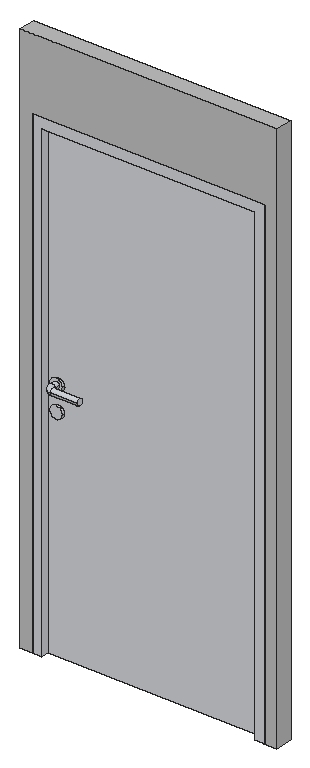
Revit family "BRU_Дверь_Однопольная_Стальная_Кв_Исправлено", category Двери, Revit 2021
Family settings
  Основа = Стена
  Номер OmniClass = 23.30.10.00
  Заголовок OmniClass = Doors
  Всегда вертикально = Да
  При загрузке вырезать с полостями = Нет
  Общий = Нет
  Точка принадлежности помещению = Нет
Parameters (values of type "ДСВ-О-Н 1050х2400(h) Л")
  Четверть сверху.Размер [instance] = 30 mm
  Четверть (есть/нет) [instance] = no
  Четверть сверху [instance] = if([Четверть (есть/нет)], Четверть сверху.Размер, 0 mm)  # 0 mm
  Четверть сбоку [instance] = if([Четверть (есть/нет)], Четверти сбоку.Размер, 0 mm)  # 0 mm
  Четверти сбоку.Размер [instance] = 30 mm
  Угол в плане 30 [instance] = yes
  Тип полотна двери = Полотно : Глухое
  Ручка двери = none
  Рама двери.Ширина справа = 80 mm
  Рама двери.Ширина слева = 80 mm
  Рама двери.Ширина внизу = 80 mm
  Рама двери.Ширина вверху = 80 mm
  Полотно двери. Высота [instance] = Rough Height - Коробка.Ширина  # 1945 mm
  Площадь [instance] = Width * Height  # 2.52 m²
  Откосы.Ширина [instance] = 530 mm
  Define Thermal Properties by = 1
  Fire Rating = ""
  О_Обозначение = ""
  О_Наименование = ""
  Монтажный зазор снизу.Толщина [instance] = 130 mm
  Монтажный зазор сверху.Толщина = 295 mm
  Коробка.Ширина = 30 mm
  Коробка.Толщина = 70 mm
  Правая = no
  Полотно.Толщина = 40 mm
  Полотно двери = none
  Остекление двери = none
  Наличник.Ширина [instance] = 60 mm
  Наличник.Толщина [instance] = 10 mm
  Наличник снаружи (есть/нет) [instance] = no
  Наличник внутри (есть/нет) [instance] = no
  Монтажный зазор сбоку.Толщина = 50 mm
  Type Comments = ""
  Глубина выреза проема наружу [instance] = 200 mm
  Глубина выреза проема внутрь [instance] = 200 mm
  Глубина вставки двери [instance] = 0 mm
  Левая = not(Правая)  # yes
  Защитное ограждение (есть/нет) = no
  Огибание наружных слоев [instance] = 0 mm
  Width = 1050 mm
  Rough Width [instance] = Width - Монтажный зазор сбоку.Толщина * 2  # 950 mm
  Rough Height [instance] = Height - Монтажный зазор сверху.Толщина - Монтажный зазор снизу.Толщина  # 1975 mm
  Группа модели = "Дверь глухая без порога"
  Manufacturer = ""
  Wall Closure = (empty or 0)
  Height = 2400 mm
  Description = ""
  Тип конструкций = "Дверь стальная"
  Аналитическая конструкция = "<Нет>"
  BRU_ДверьТип = "BRU_Дверь_Однопольная_Стальная_КвартирнаяВходная"
  ADSK_Этаж [instance] = ""
  ADSK_Толщина стены [instance] = 0 mm
  ADSK_Примечание [instance] = ""
  ADSK_Предел огнестойкости = "-"
  ADSK_Позиция [instance] = ""
  ADSK_Открывание = if(Правая, "Правая", "Левая")  # "Левая"
  ADSK_Обозначение = "ГОСТ 6629-88"  # constant formula
  ADSK_Наименование краткое = ""
  ADSK_Наименование = "ДСВ-О-Н 1050х2400(h)"
  ADSK_Масса_Текст = ""
  ADSK_Количество [instance] = 0
  ADSK_Код изделия = ""
  ADSK_Зона [instance] = ""
  ADSK_Завод-изготовитель = ""
  ADSK_Единица измерения = ""
  ADSK_Группирование [instance] = ""
  ADSK_URL страницы изделия = ""
  ADSK_URL документации изделия = ""
Types (2, lengths in mm): name | Правая | Монтажный зазор сбоку.Толщина | Левая | Rough Width | ADSK_Открывание
  ДСВ-О-Н 1050х2400(h) Л | no | 50 | yes | 950 | "Левая"
  ДСВ-О-Н 1050х2400(h) Пр | yes | 60 | no | 930 | "Правая"
Reference planes
  plane 1: y = 0
  plane 2 "По центру (Влево/Вправо)": x = 0
  plane 3 "Слева": x = -525
  plane 4 "Справа": x = 525
  plane 5: z = 2400
  plane 6 "Наружный": y = 300
  plane 7 "Внутренние": y = -300
  plane 8 "Вставка двери": y = 300
  plane 9 "Четверть слева": x = -525
  plane 10 "Четверть справа": x = 525
  plane 11 "Четверть сверху": z = 2400
  plane 12 "Полотно двери": y = 260
  plane 13 "Рама внутри": y = 230
  plane 14 "Монтажный зазор слева": x = -475
  plane 15 "Монтажный зазор справа": x = 475
  plane 16 "Монтажный зазор сверху": z = 2105
  plane 17 "Глубина огибания наружного слоя": y = 300
  plane 18: y = 310
  plane 19: x = 515
  plane 20: y = -310
  plane 21: x = -515
  plane 22: y = 500
  plane 23: y = -500
  plane 24 "2": z = 130
Forms (mm)
  Extrusion 1, void
    sketch origin (0, 0, 0) x (1, 0, 0) y (0, 1, 0)
      loop
        line (525, 300) -> (-525, 300) -> (-525, -500) -> (525, -500) -> (525, 300)
    from 0 to 2400
  Extrusion 2, void
    sketch origin (0, 0, 0) x (1, 0, 0) y (0, 1, 0)
      loop
        line (525, 500) -> (-525, 500) -> (-525, 300) -> (525, 300) -> (525, 500)
    from 0 to 2400
  Sweep 3, solid, material <- "Полотно двери", visible <- "Наличник снаружи (есть/нет)", detail levels fine
    path origin (0, 300, 0) x (1, 0, 0) y (0, 0, 1)
      loop
        line (-525, 130) -> (-525, 2400) -> (525, 2400) -> (525, 130)
    profile origin (-525, 300, 1265) x (-1, 0, 0) y (0, -1, 0)
      loop
        line (-10, 0) -> (-10, -5)
        arc (-10, -5) -> (-8.536, -8.536) -> (-5, -10) r 5
        line (-5, -10) -> (45, -10)
        arc (45, -10) -> (48.536, -8.536) -> (50, -5) r 5
        line (50, -5) -> (50, 0) -> (-10, 0)
  Sweep 4, solid, material <- "Полотно двери", visible <- "Наличник внутри (есть/нет)", detail levels fine
    path origin (0, -300, 0) x (1, 0, 0) y (0, 0, 1)
      loop
        line (-525, 130) -> (-525, 2400) -> (525, 2400) -> (525, 130)
    profile origin (-525, -300, 1265) x (-1, 0, 0) y (0, -1, 0)
      loop
        line (-50, 0) -> (10, 0) -> (10, 5)
        arc (10, 5) -> (8.536, 8.536) -> (5, 10) r 5
        line (5, 10) -> (-45, 10)
        arc (-45, 10) -> (-48.536, 8.536) -> (-50, 5) r 5
        line (-50, 5) -> (-50, 0)
  Sweep 5, solid, material <- "Полотно двери"
    path origin (0, 300, 0) x (-1, 0, 0) y (0, 0, 1)
      loop
        line (475, 130) -> (475, 2105) -> (-475, 2105) -> (-475, 130)
    profile origin (475, 300, 1117.5) x (0, 1, 0) y (-1, 0, 0)
      loop
        line (0, 0) -> (0, 30) -> (-40, 30) -> (-40, 40) -> (-70, 40) -> (-70, 0) -> (0, 0)
  Sweep 6, solid, material <- "Полотно двери", visible <- "Наличник снаружи (есть/нет)", detail levels fine
    path origin (0, 300, 0) x (-1, 0, 0) y (0, 0, 1)
      loop
        line (525, 130) -> (525, 2400) -> (-525, 2400) -> (-525, 130)
    profile origin (525, 300, 1265) x (0, 1, 0) y (-1, 0, 0)
      loop
        line (5, 0) -> (5, 10) -> (0, 10) -> (0, 0) -> (5, 0)
  Extrusion 7, solid, material <- "Полотно двери"
    sketch origin (-2514.822, 300, 1200) x (-1, 0, 0) y (0, 0, 1)
      loop
        line (-3039.822, 1200) -> (-3039.822, -1070) -> (-2988.822, -1070) -> (-2988.822, 904) -> (-2040.822, 904) -> (-2040.822, -1070) -> (-1989.822, -1070) -> (-1989.822, 1200) -> (-3039.822, 1200)
    from 0 to -70
Cuts and joins
  joined: Sweep 3, Sweep 6
Lines and regions (mm)
  Masking region 1, detail levels fine
    outline origin (0, 0, 0) x (0, 1, 0) y (0, 0, 1)
      loop
        line (230, 2065) -> (260, 2065) -> (260, 2075) -> (300, 2075) -> (300, 2105) -> (230, 2105) -> (230, 2065)
  Masking region 2, detail levels fine
    outline origin (0, 0, 0) x (0, 1, 0) y (0, 0, 1)
      loop
        line (300, 130) -> (300, 2075) -> (260, 2075) -> (260, 130) -> (300, 130)
  Masking region 3, detail levels fine
    outline origin (0, 0, 0) x (0, 1, 0) y (0, 0, 1)
      loop
        line (230, 2065) -> (230, 130) -> (260, 130) -> (260, 2065) -> (230, 2065)
  Masking region 4, detail levels coarse+medium
    outline origin (0, 0, 0) x (0, 1, 0) y (0, 0, 1)
      loop
        line (300, 130) -> (300, 2400) -> (230, 2400) -> (230, 130) -> (300, 130)
Text (mm)
  text "Наружный" at (-2295.016, 1099.543, 0), in view "Опорный уровень "
  text "Наружный" at (0, 1615.38, 3698.081), in view "Слева"
  text "Наружный" at (0, 1036.032, 3874.932), in view "Справа"
Dimensions and locks
  equal spacing: plane 14 "Монтажный зазор слева", plane 2 "По центру (Влево/Вправо)", plane 15 "Монтажный зазор справа"
  "Rough Width": plane 14 "Монтажный зазор слева" to plane 15 "Монтажный зазор справа"
  "Rough Height": plane 16 "Монтажный зазор сверху" to plane 24 "2"
  host wall to plane 5 = 2400 mm  (x2)
  locked: plane 6 "Наружный" to host wall
  locked: plane 7 "Внутренние" to host wall
  "Четверть сбоку": plane 3 "Слева" to plane 9 "Четверть слева"
  "Четверть сбоку": plane 10 "Четверть справа" to plane 4 "Справа"
  "Глубина вставки двери": plane 6 "Наружный" to plane 8 "Вставка двери"
  "Наличник.Ширина": Sweep 3 sketch curve to plane 21
  "Коробка.Толщина": plane 8 "Вставка двери" to plane 13 "Рама внутри"
  "Полотно.Толщина": plane 8 "Вставка двери" to plane 12 "Полотно двери"
  "Огибание наружных слоев": plane 6 "Наружный" to plane 17 "Глубина огибания наружного слоя"
  "Наличник.Ширина": Sweep 4 sketch curve to Sweep 4 sketch curve
  locked: Sweep 4 sketch curve to Sweep 4 sketch curve at 5  (x4)
  locked: Sweep 3 sketch curve to Sweep 3 sketch curve at 5
  "Коробка.Ширина": Sweep 5 sketch curve to profile plane
  locked: Sweep 5 sketch curve to Sweep 5 sketch curve at 10
  "Наличник.Толщина": plane 7 "Внутренние" to plane 20
  "Наличник.Толщина": plane 18 to plane 6 "Наружный"
  "Наличник.Толщина": plane 9 "Четверть слева" to plane 21
  "Наличник.Толщина": plane 19 to plane 10 "Четверть справа"
  locked: plane 18 to Sweep 3 sketch curve at 5  (x2)
  locked: Sweep 3 sketch curve to plane 21 at 5
  locked: plane 18 to Sweep 6 sketch curve at 5
  "Откосы.Ширина": plane 7 "Внутренние" to plane 13 "Рама внутри"
  equal spacing: plane 3 "Слева", plane 2 "По центру (Влево/Вправо)", plane 4 "Справа"
  "Width": plane 3 "Слева" to plane 4 "Справа"
  "Глубина выреза проема внутрь": plane 23 to plane 7 "Внутренние"
  "Глубина выреза проема наружу": plane 6 "Наружный" to plane 22
  locked: Extrusion 7 sketch curve to plane 15 "Монтажный зазор справа" at 1
  locked: Extrusion 7 sketch curve to plane 16 "Монтажный зазор сверху" at 1
  locked: plane 14 "Монтажный зазор слева" to Extrusion 7 sketch curve at 1
  "Монтажный зазор снизу.Толщина": level to plane 24 "2"
  "Монтажный зазор сверху.Толщина": plane 5 to plane 16 "Монтажный зазор сверху"
  "Четверть сверху": plane 5 to plane 11 "Четверть сверху"
  aligned and locked: plane 1 to host wall
  aligned and locked: plane 8 "Вставка двери" to Extrusion 1 sketch curve
  aligned and locked: plane 3 "Слева" to Extrusion 1 sketch curve
  aligned and locked: Extrusion 1 sketch curve to plane 4 "Справа"
  aligned and locked: Extrusion 1 to level
  aligned and locked: Extrusion 1 to plane 5
  aligned and locked: Extrusion 2 sketch curve to plane 8 "Вставка двери"
  aligned and locked: plane 10 "Четверть справа" to Extrusion 2 sketch curve
  aligned and locked: Extrusion 2 sketch curve to plane 9 "Четверть слева"
  aligned and locked: Extrusion 2 to level
  aligned and locked: plane 11 "Четверть сверху" to Extrusion 2
  aligned and locked: plane 9 "Четверть слева" to Sweep 3 sketch curve
  aligned and locked: plane 11 "Четверть сверху" to Sweep 3 sketch curve
  aligned and locked: plane 10 "Четверть справа" to Sweep 3 sketch curve
  aligned and locked: Sweep 4 sketch curve to plane 3 "Слева"
  aligned and locked: Sweep 4 sketch curve to plane 5
  aligned and locked: Sweep 4 sketch curve to plane 4 "Справа"
  aligned and locked: Sweep 4 sketch curve to plane 7 "Внутренние"
  aligned and locked: Sweep 5 sketch curve to plane 15 "Монтажный зазор справа"
  aligned and locked: Sweep 5 sketch curve to plane 16 "Монтажный зазор сверху"
  aligned and locked: Sweep 5 sketch curve to plane 14 "Монтажный зазор слева"
  aligned and locked: profile plane to Sweep 5 sketch curve
  aligned and locked: plane 13 "Рама внутри" to Sweep 5 sketch curve
  aligned and locked: plane 8 "Вставка двери" to Sweep 5 sketch curve
  aligned and locked: plane 12 "Полотно двери" to Sweep 5 sketch curve
  aligned and locked: plane 12 "Полотно двери" to nested 1
  aligned and locked: nested 1 to plane 8 "Вставка двери"
  aligned and locked: Sweep 5 to nested 1
  aligned and locked: nested 1 to Sweep 5  (x2)
  aligned and locked: plane 2 "По центру (Влево/Вправо)" to nested 2
  aligned and locked: nested 2 to plane 8 "Вставка двери"
  aligned and locked: plane 12 "Полотно двери" to nested 2
  aligned and locked: plane 13 "Рама внутри" to nested 2
  aligned and locked: plane 2 "По центру (Влево/Вправо)" to nested 3
  aligned and locked: plane 8 "Вставка двери" to nested 3
  aligned and locked: nested 3 to plane 12 "Полотно двери"
  aligned and locked: nested 3 to plane 13 "Рама внутри"
  aligned and locked: Sweep 4 sketch curve to plane 14 "Монтажный зазор слева"
  aligned and locked: profile plane to Sweep 3 sketch curve
  aligned and locked: Sweep 6 sketch curve to plane 11 "Четверть сверху"
  aligned and locked: plane 10 "Четверть справа" to Sweep 6 sketch curve  (x2)
  aligned and locked: plane 9 "Четверть слева" to Sweep 6 sketch curve
  aligned and locked: plane 8 "Вставка двери" to Sweep 6 sketch curve
  aligned and locked: plane 20 to Sweep 4 sketch curve
  aligned and locked: plane 18 to Sweep 3 sketch curve
  aligned and locked: Sweep 6 sketch curve to plane 19
  aligned and locked: Masking region 1 sketch curve to Sweep 5  (x2)
  aligned and locked: plane 12 "Полотно двери" to Masking region 1 sketch curve
  aligned and locked: plane 13 "Рама внутри" to Masking region 1 sketch curve
  aligned and locked: plane 8 "Вставка двери" to Masking region 1 sketch curve
  aligned and locked: plane 16 "Монтажный зазор сверху" to Masking region 1 sketch curve
  aligned and locked: plane 8 "Вставка двери" to Masking region 2 sketch curve
  aligned and locked: plane 12 "Полотно двери" to Masking region 2 sketch curve
  aligned and locked: Masking region 2 sketch curve to Sweep 5
  aligned and locked: Masking region 3 sketch curve to Sweep 5
  aligned and locked: plane 13 "Рама внутри" to Masking region 3 sketch curve
  aligned and locked: plane 12 "Полотно двери" to Masking region 3 sketch curve
  aligned and locked: plane 8 "Вставка двери" to Masking region 4 sketch curve
  aligned and locked: plane 13 "Рама внутри" to Masking region 4 sketch curve
  aligned and locked: plane 5 to Masking region 4 sketch curve
  aligned and locked: Extrusion 7 sketch curve to plane 4 "Справа"
  aligned and locked: Extrusion 7 sketch curve to plane 3 "Слева"
  aligned and locked: Extrusion 7 sketch curve to plane 5
  aligned and locked: Extrusion 7 to plane 13 "Рама внутри"
  aligned and locked: plane 8 "Вставка двери" to Extrusion 7
  aligned and locked: plane 22 to Extrusion 2 sketch curve
  aligned and locked: Extrusion 1 sketch curve to plane 23
  aligned and locked: plane 24 "2" to Sweep 5 sketch curve  (x2)
  aligned and locked: plane 24 "2" to Sweep 3 sketch curve  (x2)
  aligned and locked: plane 24 "2" to Sweep 6 sketch curve  (x2)
  aligned and locked: plane 24 "2" to Sweep 4 sketch curve  (x2)
  aligned and locked: Extrusion 7 sketch curve to plane 24 "2"
  aligned and locked: plane 24 "2" to Extrusion 7 sketch curve
  aligned and locked: Masking region 4 sketch curve to plane 24 "2"
  aligned and locked: Masking region 3 sketch curve to plane 24 "2"
  aligned and locked: Masking region 2 sketch curve to plane 24 "2"
Nested families
  nested 1: "Полотно" at (0, 300, 130), type <- "Тип полотна двери", Полотно двери.Высота <- "Полотно двери. Высота", type "Глухое"
    with Полотно двери.Ширина 890 mm, Полотно двери.Толщина 40 mm, Полотно двери.Высота 1945 mm, Правая no, Левая yes
  nested 2: "Обозначение на плане" at (0, 300, 0), Ширина двери <- "Rough Width", visible <- "Правая", Монтажный зазор <- "Монтажный зазор сбоку.Толщина", Ширина коробки <- "Коробка.Ширина", Толщина полотна двери <- "Полотно.Толщина", Толщина коробки <- "Коробка.Толщина", type "По-умолчанию"
    with Ширина полотна двери 790 mm, Ширина коробки 30 mm, Ширина двери 950 mm, Толщина полотна двери 40 mm, Толщина коробки 70 mm, Монтажный зазор 50 mm
  nested 3: "Обозначение на плане" at (0, 300, 0) x (-1, 0, 0) z (0, 0, 1), Ширина двери <- "Rough Width", visible <- "Левая", Монтажный зазор <- "Монтажный зазор сбоку.Толщина", Ширина коробки <- "Коробка.Ширина", Толщина полотна двери <- "Полотно.Толщина", Толщина коробки <- "Коробка.Толщина", type "По-умолчанию"
    with Ширина полотна двери 790 mm, Ширина коробки 30 mm, Ширина двери 950 mm, Толщина полотна двери 40 mm, Толщина коробки 70 mm, Монтажный зазор 50 mm
Definition of nested family "Полотно"
  Parameters (values of type "Глухое")
    Ручка.Отступ от края = 50 mm
    Ручка.Высота расположения = 1000 mm
    Ручка двери = none
    Рама справа.Ширина = 150 mm
    Рама слева.Ширина = 150 mm
    Рама внизу.Ширина = 600 mm
    Рама вверху.Ширина = 150 mm
    Правая = yes
    Полотно остекленное = no
    Полотно двери.Ширина [instance] = 1000 mm
    Полотно двери.Толщина [instance] = 40 mm
    Полотно двери.Высота [instance] = 2100 mm
    Полотно двери = none
    Полотно глухое = yes
    Остекление двери = none
    Левая = not(Правая)  # no
    Защитные ограждения = no
    Analytic Construction = "<Нет>"
  Types (2, lengths in mm): name | Рама справа.Ширина | Рама слева.Ширина | Рама внизу.Ширина | Рама вверху.Ширина | Полотно остекленное | Полотно глухое
    Глухое | 150 | 150 | 600 | 150 | no | yes
    Остекленное | 80 | 80 | 80 | 80 | yes | no
  Reference planes
    plane 1 "Center (Front/Back)": y = 0
    plane 2: z = 0
    plane 3 "Center (Left/Right)": x = 0
    plane 4: x = -500
    plane 5: x = 500
    plane 6 "Back": y = -40
    plane 7: z = 2100
    plane 8 "Высота расположения ручки": z = 1000
    plane 9 "Отступ ручки справа": x = 450
    plane 10 "Отступ ручки слева": x = -450
    plane 11 "Остекление снаружи": y = -8
    plane 12 "Остекление внутри": y = -32
    plane 13 "Ширина рамы справа": x = -350
    plane 14 "Ширина рамы слева": x = 350
    plane 15 "Ширина рамы внизу": z = 600
    plane 16 "Ширина рамы вверху": z = 1950
    plane 17: z = 950
    plane 18: z = 800
    plane 19: z = 650
    plane 20: z = 1050
  Forms (mm)
    Extrusion 1, solid, material <- "Полотно двери", visible <- "Полотно глухое"
      sketch origin (0, 0, 0) x (1, 0, 0) y (0, 0, 1)
        loop
          line (-500, 2100) -> (-500, 0) -> (500, 0) -> (500, 2100) -> (-500, 2100)
      from 0 to 40 <- "Полотно двери.Толщина"
    Extrusion 2, solid, material <- "Полотно двери", visible <- "Полотно остекленное"
      sketch origin (0, 0, 0) x (1, 0, 0) y (0, 0, 1)
        loop
          line (-500, 2100) -> (-500, 0) -> (500, 0) -> (500, 2100) -> (-500, 2100)
        loop
          line (-350, 600) -> (350, 600) -> (350, 1950) -> (-350, 1950) -> (-350, 600)
      from 0 to 40
    Extrusion 3, solid, material <- "Остекление двери", visible <- "Полотно остекленное"
      sketch origin (-646.608, -8, 1200) x (-1, 0, 0) y (0, 0, 1)
        loop
          line (-296.608, 750) -> (-996.608, 750) -> (-996.608, -600) -> (-296.608, -600) -> (-296.608, 750)
      from 0 to -24
    Sweep 4, solid, material <- "Ручка двери", visible <- "Защитные ограждения", detail levels medium+fine
      path origin (-858.179, -1524, 950) x (-1, 0, 0) y (0, -1, 0)
        loop
          arc (-478.179, -1469) -> (-482.572, -1458.393) -> (-493.179, -1454) r 15
          line (-493.179, -1454) -> (-1223.179, -1454)
          arc (-1223.179, -1454) -> (-1233.785, -1458.393) -> (-1238.179, -1469) r 15
          line (-1238.179, -1469) -> (-1238.179, -1539)
          arc (-1238.179, -1539) -> (-1233.785, -1549.607) -> (-1223.179, -1554) r 15
          line (-1223.179, -1554) -> (-493.179, -1554)
          arc (-493.179, -1554) -> (-482.572, -1549.607) -> (-478.179, -1539) r 15
          line (-478.179, -1539) -> (-478.179, -1469)
      profile origin (-380, -20, 950) x (-1, 0, 0) y (0, 0, 1)
        loop
          circle (0, 0) r 10
    Sweep 5, solid, material <- "Ручка двери", visible <- "Защитные ограждения", detail levels medium+fine
      path origin (-858.179, -1524, 800) x (-1, 0, 0) y (0, -1, 0)
        loop
          arc (-478.179, -1469) -> (-482.572, -1458.393) -> (-493.179, -1454) r 15
          line (-493.179, -1454) -> (-1223.179, -1454)
          arc (-1223.179, -1454) -> (-1233.785, -1458.393) -> (-1238.179, -1469) r 15
          line (-1238.179, -1469) -> (-1238.179, -1539)
          arc (-1238.179, -1539) -> (-1233.785, -1549.607) -> (-1223.179, -1554) r 15
          line (-1223.179, -1554) -> (-493.179, -1554)
          arc (-493.179, -1554) -> (-482.572, -1549.607) -> (-478.179, -1539) r 15
          line (-478.179, -1539) -> (-478.179, -1469)
      profile origin (-380, -20, 800) x (-1, 0, 0) y (0, 0, 1)
        loop
          circle (0, 0) r 10
    Sweep 6, solid, material <- "Ручка двери", visible <- "Защитные ограждения", detail levels medium+fine
      path origin (-858.179, -1524, 650) x (-1, 0, 0) y (0, -1, 0)
        loop
          arc (-478.179, -1469) -> (-482.572, -1458.393) -> (-493.179, -1454) r 15
          line (-493.179, -1454) -> (-1223.179, -1454)
          arc (-1223.179, -1454) -> (-1233.785, -1458.393) -> (-1238.179, -1469) r 15
          line (-1238.179, -1469) -> (-1238.179, -1539)
          arc (-1238.179, -1539) -> (-1233.785, -1549.607) -> (-1223.179, -1554) r 15
          line (-1223.179, -1554) -> (-493.179, -1554)
          arc (-493.179, -1554) -> (-482.572, -1549.607) -> (-478.179, -1539) r 15
          line (-478.179, -1539) -> (-478.179, -1469)
      profile origin (-380, -20, 650) x (-1, 0, 0) y (0, 0, 1)
        loop
          circle (0, 0) r 10
  Lines and regions (mm)
    symbolic lines, visible <- "Правая", detail levels medium
      curve 1: line (-500, 0, 0) -> (500, 0, 1050)
      curve 2: line (500, 0, 1050) -> (-500, 0, 2100)
    symbolic lines, visible <- "Левая", detail levels medium
      curve 3: line (500, 0, 0) -> (-500, 0, 1050)
      curve 4: line (-500, 0, 1050) -> (500, 0, 2100)
  Dimensions and locks
    "Полотно двери.Толщина": plane 1 "Center (Front/Back)" to plane 6 "Back"
    equal spacing: plane 4, plane 3 "Center (Left/Right)", plane 5
    "Полотно двери.Ширина": plane 4 to plane 5
    "Полотно двери.Высота": plane 7 to plane 2
    "Ручка.Высота расположения": plane 8 "Высота расположения ручки" to level
    "Ручка.Отступ от края": plane 5 to plane 9 "Отступ ручки справа"
    "Ручка.Отступ от края": plane 10 "Отступ ручки слева" to plane 4
    locked: plane 12 "Остекление внутри" to plane 6 "Back" at 8
    locked: plane 1 "Center (Front/Back)" to plane 11 "Остекление снаружи" at 8
    "Рама вверху.Ширина": plane 7 to plane 16 "Ширина рамы вверху"
    "Рама внизу.Ширина": plane 15 "Ширина рамы внизу" to plane 2
    "Рама справа.Ширина": plane 5 to plane 14 "Ширина рамы слева"
    "Рама слева.Ширина": plane 13 "Ширина рамы справа" to plane 4
    locked: plane 17 to plane 2 at 950
    plane 17 to plane 18 to plane 19 = 150 mm locked, 150 mm locked
    locked: plane 1 "Center (Front/Back)" to Sweep 4 sketch curve at 30
    locked: Sweep 4 sketch curve to profile plane at 0
    locked: profile plane to Sweep 4 sketch curve at 0
    locked: Sweep 4 sketch curve to plane 6 "Back" at 30
    locked: Sweep 5 sketch curve to profile plane at 0
    locked: profile plane to Sweep 5 sketch curve at 0
    locked: Sweep 5 sketch curve to plane 6 "Back" at 30
    locked: plane 1 "Center (Front/Back)" to Sweep 5 sketch curve at 30
    locked: Sweep 6 sketch curve to profile plane at 0
    locked: profile plane to Sweep 6 sketch curve at 0
    locked: Sweep 6 sketch curve to plane 6 "Back" at 30
    locked: plane 1 "Center (Front/Back)" to Sweep 6 sketch curve at 30
    equal spacing: plane 7, plane 20, plane 2
    locked: Sweep 4 sketch curve to plane 13 "Ширина рамы справа" at 30
    locked: plane 14 "Ширина рамы слева" to Sweep 4 sketch curve at 30
    locked: plane 14 "Ширина рамы слева" to Sweep 5 sketch curve at 30
    locked: Sweep 5 sketch curve to plane 13 "Ширина рамы справа" at 30
    locked: Sweep 6 sketch curve to plane 13 "Ширина рамы справа" at 30
    locked: plane 14 "Ширина рамы слева" to Sweep 6 sketch curve at 30
    locked: Sweep 4 sketch curve to Sweep 4 sketch curve at 15  (x8)
    locked: Sweep 5 sketch curve to Sweep 5 sketch curve at 15  (x8)
    locked: Sweep 6 sketch curve to Sweep 6 sketch curve at 15  (x8)
    aligned and locked: level to plane 2
    aligned and locked: Extrusion 1 sketch curve to plane 7
    aligned and locked: plane 4 to Extrusion 1 sketch curve
    aligned and locked: plane 2 to Extrusion 1 sketch curve
    aligned and locked: Extrusion 1 sketch curve to plane 5
    aligned and locked: Extrusion 1 to plane 1 "Center (Front/Back)"
    aligned and locked: Extrusion 1 to plane 6 "Back"
    aligned and locked: nested 1 to plane 10 "Отступ ручки слева"
    aligned and locked: plane 1 "Center (Front/Back)" to nested 1
    aligned and locked: plane 6 "Back" to nested 1
    aligned and locked: plane 8 "Высота расположения ручки" to nested 1
    aligned and locked: nested 2 to plane 1 "Center (Front/Back)"
    aligned and locked: nested 2 to plane 6 "Back"
    aligned and locked: nested 2 to plane 9 "Отступ ручки справа"
    aligned and locked: nested 2 to plane 8 "Высота расположения ручки"
    aligned and locked: Extrusion 2 sketch curve to plane 4
    aligned and locked: Extrusion 2 sketch curve to plane 5
    aligned and locked: Extrusion 2 sketch curve to plane 7
    aligned and locked: Extrusion 2 sketch curve to plane 2
    aligned and locked: Extrusion 2 sketch curve to plane 15 "Ширина рамы внизу"
    aligned and locked: Extrusion 2 sketch curve to plane 13 "Ширина рамы справа"
    aligned and locked: Extrusion 2 sketch curve to plane 14 "Ширина рамы слева"
    aligned and locked: Extrusion 2 sketch curve to plane 16 "Ширина рамы вверху"
    aligned and locked: Extrusion 2 to plane 1 "Center (Front/Back)"
    aligned and locked: Extrusion 2 to plane 6 "Back"
    aligned and locked: plane 13 "Ширина рамы справа" to Extrusion 3 sketch curve
    aligned and locked: plane 14 "Ширина рамы слева" to Extrusion 3 sketch curve
    aligned and locked: plane 16 "Ширина рамы вверху" to Extrusion 3 sketch curve
    aligned and locked: plane 15 "Ширина рамы внизу" to Extrusion 3 sketch curve
    aligned and locked: Extrusion 3 to plane 11 "Остекление снаружи"
    aligned and locked: Extrusion 3 to plane 12 "Остекление внутри"
    aligned and locked: plane 4 to curve 1
    aligned and locked: plane 2 to curve 1
    aligned and locked: plane 5 to curve 2
    aligned and locked: plane 20 to curve 1
    aligned and locked: plane 7 to Extrusion 2
    aligned and locked: plane 4 to Extrusion 2
  Automatic sketch dimensions
    curve 3 to plane 4 = 0 mm
    curve 2 to plane 4 = 0 mm
    curve 3 to level = 0 mm
    curve 3 to plane 5 = 0 mm
    curve 4 to plane 5 = 0 mm
    curve 4 to plane 20 = 0 mm
    curve 4 to plane 7 = 0 mm
    curve 2 to plane 7 = 0 mm
    radius of Sweep 4 sketch curve = 10 mm
    radius of Sweep 5 sketch curve = 10 mm
    radius of Sweep 6 sketch curve = 10 mm
  Nested families
    nested 1: "Дверная ручка" at (-450, 0, 1000), visible <- "Левая", Полотно двери.Толщина <- "Полотно двери.Толщина", type "Дверная ручка", detail levels fine
      with Полотно двери.Толщина 40 mm
    nested 2: "Дверная ручка" at (450, 0, 1000) x (-1, 0, 0) z (0, 0, 1), visible <- "Правая", Полотно двери.Толщина <- "Полотно двери.Толщина", type "Дверная ручка", detail levels fine
      with Полотно двери.Толщина 40 mm
  Definition of nested family "Дверная ручка"
    Parameters (values of type "Дверная ручка")
      Полотно двери.Толщина [instance] = 40 mm
      Дверная ручка = none
      Analytic Construction = "<Нет>"
    Reference planes
      plane 1 "Center (Front/Back)": y = 0
      plane 2: z = 0
      plane 3 "Center (Left/Right)": x = 0
      plane 4: y = -40
      plane 5: z = -100
    Forms (mm)
      Sweep 1, solid, material <- "Дверная ручка", detail levels medium+fine
        path origin (0, 0, 0) x (1, 0, 0) y (0, 1, 0)
          loop
            line (130, 50) -> (20, 50)
            arc (20, 50) -> (5.858, 44.142) -> (0, 30) r 20
            line (0, 30) -> (0, -70)
            arc (0, -70) -> (5.858, -84.142) -> (20, -90) r 20
            line (20, -90) -> (130, -90)
        profile origin (0, -20, 0) x (1, 0, 0) y (0, 0, 1)
          loop
            circle (0, 0) r 12
      Extrusion 2, solid, material <- "Дверная ручка", detail levels medium+fine
        sketch origin (-2000, -40, 1200) x (-1, 0, 0) y (0, 0, 1)
          loop
            circle (-2000, -1200) r 25
        from 48 to -8
      Extrusion 3, solid, material <- "Дверная ручка", detail levels medium+fine
        sketch origin (-2000, -40, 1100) x (-1, 0, 0) y (0, 0, 1)
          loop
            circle (-2000, -1200) r 25
        from 48 to -8
    Cuts and joins
      joined: Sweep 1, Extrusion 2
    Dimensions and locks
      "Полотно двери.Толщина": plane 1 "Center (Front/Back)" to plane 4
      locked: Sweep 1 sketch curve to plane 4 at 50
      locked: plane 1 "Center (Front/Back)" to Sweep 1 sketch curve at 50
      locked: plane 4 to Sweep 1 sketch curve at 30
      locked: plane 1 "Center (Front/Back)" to Sweep 1 sketch curve at 30
      locked: plane 3 "Center (Left/Right)" to Sweep 1 sketch curve at 20  (x2)
      locked: plane 4 to Extrusion 2 at 8
      locked: Extrusion 3 sketch curve to plane 5 at 0
      locked: plane 3 "Center (Left/Right)" to Extrusion 3 sketch curve at 0
      locked: plane 1 "Center (Front/Back)" to cut or joined group of Sweep 1, Extrusion 2 at 8
      locked: Extrusion 3 to plane 1 "Center (Front/Back)" at 8
      aligned and locked: level to plane 2
      aligned and locked: Sweep 1 sketch curve to plane 3 "Center (Left/Right)"
    Automatic sketch dimensions
      Sweep 1 sketch curve to Sweep 1 sketch curve = 110 mm  (x2)
      Sweep 1 sketch curve to level = 0 mm
      profile plane to Sweep 1 sketch curve = 0 mm
      Extrusion 2 sketch curve to level = 0 mm
      Extrusion 2 sketch curve to plane 3 "Center (Left/Right)" = 0 mm
      radius of Sweep 1 sketch curve = 12 mm
      radius of Extrusion 2 sketch curve = 25 mm
      radius of Extrusion 3 sketch curve = 25 mm
Definition of nested family "Обозначение на плане"
  Parameters (values of type "По-умолчанию")
    Ширина полотна двери [instance] = Ширина двери - 60 mm - Монтажный зазор * 2  # 600 mm
    Ширина коробки [instance] = 30 mm
    Ширина двери [instance] = 700 mm
    Толщина полотна двери [instance] = 40 mm
    Толщина коробки [instance] = 80 mm
    Открывание двери.30° = yes
    Открывание двери.90° = not(Открывание двери.30°)  # no
    Монтажный зазор [instance] = 20 mm
    Линия открывания.Дуга = not(Открывание двери.30°)  # no
  Reference planes
    plane 1 "Center (Front/Back)": y = 0
    plane 2: z = 0
    plane 3 "Center (Left/Right)": x = 0
    plane 4: x = -350
    plane 5: x = 350
    plane 6 "Толщина коробки": y = -80
    plane 7 "Толщина полотна": y = -40
    plane 8: x = -330
    plane 9: x = 330
    plane 10: x = -300
    plane 11: x = 300
  Lines and regions (mm)
    Masking region 1, in view "Ref. Level", visible <- "Открывание двери.30°", detail levels fine
      outline origin (0, 0, 0) x (1, 0, 0) y (0, 1, 0)
        loop
          line (-300, 0) -> (-280, -34.641) -> (239.615, 265.359) -> (219.615, 300) -> (-300, 0)
    Masking region 2, in view "Ref. Level", visible <- "Открывание двери.90°", detail levels fine
      outline origin (0, 140, 0) x (1, 0, 0) y (0, 1, 0)
        loop
          line (-300, -140) -> (-260, -140) -> (-260, 460) -> (-300, 460) -> (-300, -140)
    Masking region 3, in view "Ref. Level", detail levels fine
      outline origin (0, 0, 0) x (1, 0, 0) y (0, 1, 0)
        loop
          line (-330, 0) -> (-350, 0) -> (-350, -80) -> (-330, -80) -> (-330, 0)
    Masking region 4, in view "Ref. Level", detail levels fine
      outline origin (0, 0, 0) x (1, 0, 0) y (0, 1, 0)
        loop
          line (-330, 0) -> (-330, -80) -> (-290, -80) -> (-290, -40) -> (-300, -40) -> (-300, 0) -> (-330, 0)
    Masking region 5, in view "Ref. Level", detail levels fine
      outline origin (0, 0, 0) x (1, 0, 0) y (0, 1, 0)
        loop
          line (330, 0) -> (330, -80) -> (350, -80) -> (350, 0) -> (330, 0)
    Masking region 6, in view "Ref. Level", detail levels fine
      outline origin (0, 0, 0) x (1, 0, 0) y (0, 1, 0)
        loop
          line (330, 0) -> (300, 0) -> (300, -40) -> (290, -40) -> (290, -80) -> (330, -80) -> (330, 0)
    Masking region 7, in view "Ref. Level", visible <- "Открывание двери.30°", detail levels fine
      outline origin (0, 140, 0) x (1, 0, 0) y (0, 1, 0)
        loop
          line (-300, -140) -> (-260, -140) -> (-260, 460) -> (-300, 460) -> (-300, -140)
    detail lines, in view "Ref. Level", visible <- "Открывание двери.90°", detail levels coarse+medium
      curve 1: line (-350, 0, 0) -> (-350, 700, 0)
    detail lines, in view "Ref. Level", visible <- "Линия открывания.Дуга", detail levels coarse+medium
      curve 2: arc (350, 0, 0) -> (144.975, 494.975, 0) -> (-350, 700, 0) r 700
    detail lines, in view "Ref. Level", visible <- "Открывание двери.30°", detail levels coarse+medium
      curve 3: line (-350, 0, 0) -> (256.218, 350, 0)
    detail lines, in view "Ref. Level", visible <- "Линия открывания.Дуга", detail levels fine
      curve 4: arc (300, 0, 0) -> (138.178, 409.878, 0) -> (-260, 598.665, 0) r 600
    detail lines, in view "Ref. Level", visible <- "Открывание двери.30°", detail levels fine
      curve 5: arc (300, 0, 0) -> (138.178, 409.878, 0) -> (-260, 598.665, 0) r 600
  Dimensions and locks
    equal spacing: plane 4, plane 3 "Center (Left/Right)", plane 5
    "Ширина двери": plane 4 to plane 5
    "Ширина двери": plane 1 "Center (Front/Back)" to curve 1
    "Ширина двери": curve 3 to curve 3
    "Толщина полотна двери": plane 1 "Center (Front/Back)" to plane 7 "Толщина полотна"
    "Толщина коробки": plane 1 "Center (Front/Back)" to plane 6 "Толщина коробки"
    "Монтажный зазор": plane 4 to plane 8
    "Монтажный зазор": plane 9 to plane 5
    "Ширина полотна двери": Masking region 1 sketch curve to Masking region 1 sketch curve
    "Ширина полотна двери": Masking region 2 sketch curve to Masking region 2 sketch curve
    "Толщина полотна двери": Masking region 2 sketch curve to Masking region 2 sketch curve
    "Ширина коробки": plane 8 to plane 10
    "Ширина коробки": plane 11 to plane 9
    locked: plane 10 to Masking region 4 sketch curve at 10
    locked: Masking region 6 sketch curve to plane 11 at 10
    "Ширина полотна двери": Masking region 7 sketch curve to Masking region 7 sketch curve
    "Толщина полотна двери": Masking region 7 sketch curve to Masking region 7 sketch curve
    "Ширина полотна двери": radius of curve 4
    "Ширина полотна двери": radius of curve 5
    locked: plane 1 "Center (Front/Back)" to curve 3 (angle 30.00°)
    locked: plane 1 "Center (Front/Back)" to Masking region 1 sketch curve (angle 30.00°)  (x2)
    aligned and locked: plane 1 "Center (Front/Back)" to curve 1
    aligned and locked: plane 1 "Center (Front/Back)" to curve 2
    aligned and locked: plane 4 to curve 3
    aligned and locked: plane 1 "Center (Front/Back)" to Masking region 1 sketch curve
    aligned and locked: Masking region 2 sketch curve to plane 1 "Center (Front/Back)"
    aligned and locked: Masking region 3 sketch curve to plane 8
    aligned and locked: Masking region 3 sketch curve to plane 4
    aligned and locked: Masking region 3 sketch curve to plane 6 "Толщина коробки"
    aligned and locked: Masking region 3 sketch curve to plane 1 "Center (Front/Back)"
    aligned and locked: Masking region 4 sketch curve to plane 8
    aligned and locked: Masking region 4 sketch curve to plane 10
    aligned and locked: Masking region 4 sketch curve to plane 6 "Толщина коробки"
    aligned and locked: Masking region 4 sketch curve to plane 7 "Толщина полотна"
    aligned and locked: Masking region 4 sketch curve to plane 1 "Center (Front/Back)"
    aligned and locked: plane 1 "Center (Front/Back)" to Masking region 5 sketch curve
    aligned and locked: plane 9 to Masking region 5 sketch curve
    aligned and locked: plane 6 "Толщина коробки" to Masking region 5 sketch curve
    aligned and locked: Masking region 5 sketch curve to plane 5
    aligned and locked: Masking region 6 sketch curve to plane 9
    aligned and locked: Masking region 6 sketch curve to plane 11
    aligned and locked: Masking region 6 sketch curve to plane 1 "Center (Front/Back)"
    aligned and locked: Masking region 6 sketch curve to plane 7 "Толщина полотна"
    aligned and locked: Masking region 6 sketch curve to plane 6 "Толщина коробки"
  Automatic sketch dimensions
    curve 4 to curve 5 = 0 mm  (x3)
    plane 1 "Center (Front/Back)" to curve 4 = 0 mm
    curve 4 to plane 10 = 0 mm
    plane 10 to curve 5 = 40 mm
    Masking region 1 sketch curve to plane 10 = 0 mm
    plane 7 "Толщина полотна" to Masking region 1 sketch curve = 5.359 mm
    Masking region 2 sketch curve to plane 10 = 0 mm
    Masking region 7 sketch curve to plane 10 = 0 mm
    plane 1 "Center (Front/Back)" to Masking region 7 sketch curve = 0 mm
